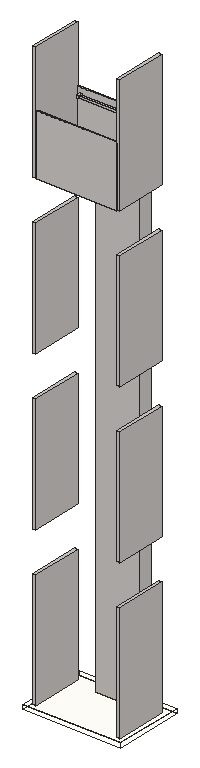
Revit family "V1504_Savaria", category Specialty Equipment, Revit 2026
Family settings
  Round Connector Dimension = Use Diameter
  Part Type = Normal
  Classification Number = 23.50.05.11
  Work Plane-Based = No
  Enable Cutting in Views = No
  Always vertical = Yes
  Cut with Voids When Loaded = No
  Maintain Annotation Orientation = No
  Shared = No
  Room Calculation Point = No
Parameters
  Warranty Duration (Years) = 1
  Voltage_MEP [instance] = 120 V
  Unit Width = 2' - 10"
  Unit Depth = 4' - 6"
  URL = "http://www.savariaconcord.com/"
  Type Comments = ""
  Stops [instance] = 4
  Specification = "http://www.arcat.com/sdspecs/htm/14202sci.htm"
  SpecWizard = "http://www.arcat.com/specwizard/14202sci/index.htm?coid=31585&mf="
  Send Message = "http://www.arcat.com/users.pl?action=UserEmail&company=Savaria%20Concord&coid=31585&rep=119&fax=905-791-2222&mf="
  Sales Information = ""
  Pit Volume Visible = yes
  Pit Volume = Elevator Pit
  Landing 4 Right  Door - RH Swing [instance] = no
  Landing 4 Left Door - RH Swing [instance] = yes
  Landing 4 Front Door - RH Swing [instance] = yes
  Landing 4 Elevation [instance] = 27' - 0"
  Landing 3 Right  Door - RH Swing [instance] = no
  Landing 3 Left Door - RH Swing [instance] = yes
  Landing 3 Front Door - RH Swing [instance] = yes
  Landing 3 Elevation [instance] = 18' - 0"
  Landing 2 Right  Door - RH Swing [instance] = no
  Landing 2 Left Door - RH Swing [instance] = yes
  Landing 2 Front Door - RH Swing [instance] = yes
  Landing 2 Elevation [instance] = 9' - 0"
  Landing 1 Right  Door - RH Swing [instance] = no
  Product Properties = "http://www.arcat.com/bim/bim_info.pl?fn=SavariaConcord"
  Product Data = "http://www.arcat.com/arcatcos/cos31/arc31585.html"
  Model = "As Specified in 14 40 00"
  Landing 1 Left Door - RH Swing [instance] = yes
  Landing 1 Door Heights [instance] = 6' - 8"
  Has No Right Doors [instance] = not(Has Any Right Door)  # no
  Has No Left Doors [instance] = not(Has Any Left Door)  # no
  Has Landing 4  Enclosure Frame [instance] = and(Has Enclosure, Stops > 3)  # no
  Has Landing 3 Enclosure Frame [instance] = and(Has Enclosure, Stops > 2)  # no
  Has Enclosure = no
  Has Any Right Door [instance] = yes
  Has No Front Doors [instance] = not(Has Any Front Door)  # yes
  Has Any Left Door [instance] = yes
  Has Landing 4 Right Door [instance] = yes
  Has Landing 4 Left Door [instance] = yes
  Has Landing 4 Front  Door [instance] = no
  Has Landing 3 Right Door [instance] = yes
  Has Landing 3 Left Door [instance] = yes
  Has Landing 3 Front  Door [instance] = no
  Has Landing 2 Right Door [instance] = yes
  Has Landing 2 Left Door [instance] = yes
  Has Landing 2 Front  Door [instance] = no
  Has Landing 1 Right Door [instance] = yes
  Has Landing 1 Left Door [instance] = yes
  Has Landing 1 Front Door [instance] = no
  Has Any Front Door [instance] = no
  Landing 1 Front Door - RH Swing [instance] = yes
  Floor Finish = Metal - Grey
  Finish = Metal - Beige
  Manufacturer's Notes = ""
  Manufacturer Website = "http://www.savariaconcord.com/"
  Manufacturer Phone - Toll Free = "800-661-5112 "
  Manufacturer Phone = "905-791-5555 "
  Manufacturer Fax = "905-791-2222"
  Manufacturer Address = "107 Alfred Kuehne Blvd., Brampton, ON, Canada L6T 4K3"
  Manufacturer = "Savaria Concord"
  Maintenance Schedule (Months) = 0
  MEP Apparent Power [instance] = Voltage_MEP * MEP Amperage  # 2400 VA
  MEP Amperage [instance] = 20 A
  Lift Travel Speed = ""
  Lift Operation = ""
  Top Landing Elevation [instance] = 27' - 0"
  Keynote = "14 40 00"
  Installation-Fabrication = ""
  Installation Phase = "Interior fixtures and fittings"
  Green Building-LEED = "http://www.arcat.com/green/clients/leed_data_31585.html"
  Expected Lifespan (Years) = 0
  Enclosure Material = Plexiglas - Clear
  Enclosure Height [instance] = 33' - 8"
  Eclosure Frame = Metal - Steel
  Drawn By = "Robert S. Weygant, CSI, CDT, SCIP"
  Door Widths [instance] = 3' - 0"
  Door Panel = Metal - Beige
  Door Heights [instance] = 6' - 8"
  Door Frame = Metal - Beige
  Description = "Savaria Concord Hydraulic Passenger Elevator as Specified in 14 40 00"
  Default Elevation = 0' - 0"
  Copyright = "2010, ARCAT, Inc"
  Construction Details = "http://www.arcat.com/details/savaria/savaria.html?coid=31585"
  Capacity (Weight) = 1400.00 lbf
  Building Code Conformance = "[ASME A17.1; NFPA 70][CSA B44; CSA National Electrical Code]"
  Assembly Code = "D1010310"
  ADA Compliant = yes
Reference planes (in)
  plane 1 "Landing 1": z = 0
  plane 2 "Center (Left/Right)": x = 0
  plane 3 "Top Landing": z = 324
  plane 4: x = -27
  plane 5: x = 27
  plane 6: y = 15.30059
  plane 7: y = -18.69941
  plane 8 "Landing 2": z = 108
  plane 9 "Landing 3": z = 216
  plane 10 "Landing 4": z = 324
  plane 11 "TO Enclosure": z = 404
  plane 12: z = 411.1875
Forms (in)
  Extrusion 1, solid, material "Metal - Grey" <- "Floor Finish"
    sketch origin (0, 0, 324) x (-1, 0, 0) y (0, -1, 0)
      loop
        line (27, -15.30059) -> (27, 18.69941) -> (-27, 18.69941) -> (-27, -15.30059) -> (27, -15.30059)
    from -0.99363 to 0
  Extrusion 2, solid, material "Metal - Beige" <- "Finish"
    sketch origin (0, 0, 324) x (-1, 0, 0) y (0, -1, 0)
      loop
        line (27.60605, -15.90664) -> (27.60605, -15.30059) -> (-27.60605, -15.30059) -> (-27.60605, -15.90664) -> (27.60605, -15.90664)
    from -0.99363 to 41.14699
  Extrusion 3, solid, material "Metal - Beige" <- "Finish"
    sketch origin (6.1008, 24.98808, 0) x (1, 0, 0) y (0, 1, 0)
      loop
        line (-21.235, -9.08144) -> (9.0375, -9.08144) -> (9.0375, -0.18751) -> (-21.235, -0.18751) -> (-21.235, -9.08144)
    from -3.11516 to 357.16447
  Extrusion 4, solid, material "Metal - Beige" <- "Finish", visible <- "Has Any Front Door"
    sketch origin (-0.5, -35.60605, 324) x (-1, 0, 0) y (0, -1, 0)
      loop
        line (-9.5, -18.90664) -> (-9.5, -16.30059) -> (-10.10605, -16.30059) -> (-10.10605, -18.30059) -> (-27.5625, -18.30059) -> (-27.5625, -18.90664) -> (-9.5, -18.90664)
      loop
        line (27.10605, -16.90664) -> (27.10605, -16.30059) -> (26.5, -16.30059) -> (26.5, -16.90664) -> (27.10605, -16.90664)
    from -0.99363 to 41.14699
  Extrusion 5, solid, material "Metal - Beige" <- "Finish", visible <- "Has No Front Doors"
    sketch origin (0, -4.39883, 324) x (-1, 0, 0) y (0, -1, 0)
      loop
        line (27.60605, 14.90664) -> (-27.5625, 14.90664) -> (-27.5625, 14.30059) -> (27.60605, 14.30059) -> (27.60605, 14.90664)
    from -0.99363 to 41.14699
  Extrusion 6, solid, material "Metal - Beige" <- "Finish", visible <- "Has No Right Doors"
    sketch origin (12, -22.85605, 324) x (-1, 0, 0) y (0, -1, 0)
      loop
        line (-15, -38.15664) -> (-15, -4.15664) -> (-15.60605, -4.15664) -> (-15.60605, -38.15664) -> (-15, -38.15664)
    from -0.99363 to 41.14699
  Extrusion 7, solid, material "Metal - Beige" <- "Finish", visible <- "Has No Left Doors"
    sketch origin (-12, -22.85605, 324) x (1, 0, 0) y (0, 1, 0)
      loop
        line (-15, 38.15664) -> (-15.60605, 38.15664) -> (-15.60605, 4.15664) -> (-15, 4.15664) -> (-15, 38.15664)
    from -0.99363 to 41.14699
  Extrusion 8, solid, material "Elevator Pit" <- "Pit Volume", visible <- "Pit Volume Visible"
    sketch origin (0, 0, 0) x (1, 0, 0) y (0, 1, 0)
      loop
        line (-33.38747, 24.80057) -> (-33.38747, -23.44943) -> (33.58839, -23.44943) -> (33.58839, 24.80057) -> (-33.38747, 24.80057)
    from -3.11516 to 0
  Extrusion 9, solid, material "Plexiglas - Clear" <- "Enclosure Material", visible <- "Has Enclosure"
    sketch origin (0, 0, 0) x (1, 0, 0) y (0, 1, 0)
      loop
        line (-29, 17.30059) -> (-29, -20.69941) -> (29, -20.69941) -> (29, 17.30059) -> (-29, 17.30059)
      loop
        line (-28, 16.30059) -> (-28, -19.69941) -> (28, -19.69941) -> (28, 16.30059) -> (-28, 16.30059)
    from 0 to 404 <- "Enclosure Height"
  Extrusion 10, solid, material "Plexiglas - Clear" <- "Enclosure Material", visible <- "Has Enclosure"
    sketch origin (0, 0, 404) x (-1, 0, 0) y (0, -1, 0)
      loop
        line (28, -16.30059) -> (28, 19.69941) -> (-28, 19.69941) -> (-28, -16.30059) -> (28, -16.30059)
    from -1 to 0
  Blend 11, solid, material "Plexiglas - Clear" <- "Enclosure Material", visible <- "Has Enclosure"
    base sketch origin (0, 0, 404) x (-1, 0, 0) y (0, -1, 0)
      loop
        line (29, -17.30059) -> (29, 20.69941) -> (-29, 20.69941) -> (-29, -17.30059) -> (29, -17.30059)
    top sketch origin (0, 0, 404) x (-1, 0, 0) y (0, -1, 0)
      loop
        line (21, 12.69941) -> (-21, 12.69941) -> (-21, -9.30059) -> (21, -9.30059) -> (21, 12.69941)
    from 0 to 5.30855
  Blend 12, solid, material "Plexiglas - Clear" <- "Enclosure Material", visible <- "Has Enclosure"
    base sketch origin (0, 0, 404) x (-1, 0, 0) y (0, -1, 0)
      loop
        line (21, -9.30059) -> (21, 12.69941) -> (-21, 12.69941) -> (-21, -9.30059) -> (21, -9.30059)
    top sketch origin (0, 0, 404) x (-1, 0, 0) y (0, -1, 0)
      loop
        line (13, -1.30059) -> (13, 4.69941) -> (-13, 4.69941) -> (-13, -1.30059) -> (13, -1.30059)
    from 5.30855 to 7.1875
  Extrusion 13, solid, material "Metal - Steel" <- "Eclosure Frame", visible <- "Has Enclosure"
    sketch origin (0, 0, 0) x (1, 0, 0) y (0, 1, 0)
      loop
        line (-29, 17.30059) -> (-29, 16.30059) -> (-28, 16.30059) -> (-28, 17.30059) -> (-29, 17.30059)
      loop
        line (28, 16.18424) -> (29, 16.18424) -> (29, 17.30059) -> (28, 17.30059) -> (28, 16.18424)
      loop
        line (28, -19.69941) -> (28, -20.69941) -> (29, -20.69941) -> (29, -19.69941) -> (28, -19.69941)
      loop
        line (-28, -19.69941) -> (-29, -19.69941) -> (-29, -20.69941) -> (-28, -20.69941) -> (-28, -19.69941)
    from 0 to 404 <- "Enclosure Height"
  Extrusion 14, solid, material "Metal - Steel" <- "Eclosure Frame", visible <- "Has Enclosure"
    sketch origin (0, 0, 404) x (-1, 0, 0) y (0, -1, 0)
      loop
        line (28, -17.30059) -> (28, -16.30059) -> (-28, -16.30059) -> (-28, -17.30059) -> (28, -17.30059)
      loop
        line (-29, -16.20059) -> (-28, -16.20059) -> (-28, 19.59941) -> (-29, 19.59941) -> (-29, -16.20059)
      loop
        line (-28, 20.69941) -> (-28, 19.69941) -> (28, 19.69941) -> (28, 20.69941) -> (-28, 20.69941)
      loop
        line (29, -16.20059) -> (29, 19.59941) -> (28, 19.59941) -> (28, -16.20059) -> (29, -16.20059)
    from 0 to -1
  Extrusion 15, solid, material "Metal - Steel" <- "Eclosure Frame", visible <- "Has Landing 3 Enclosure Frame"
    sketch origin (0, 0, 216) x (0, -1, 0) y (1, 0, 0)
      loop
        line (-17.30059, -28) -> (-16.30059, -28) -> (-16.30059, 28) -> (-17.30059, 28) -> (-17.30059, -28)
      loop
        line (-16.20059, 29) -> (-16.20059, 28) -> (19.59941, 28) -> (19.59941, 29) -> (-16.20059, 29)
      loop
        line (20.69941, 28) -> (19.69941, 28) -> (19.69941, -28) -> (20.69941, -28) -> (20.69941, 28)
      loop
        line (-16.20059, -29) -> (19.59941, -29) -> (19.59941, -28) -> (-16.20059, -28) -> (-16.20059, -29)
    from 0 to -1
  Extrusion 16, solid, material "Metal - Steel" <- "Eclosure Frame", visible <- "Has Enclosure"
    sketch origin (0, 0, 0) x (0, -1, 0) y (1, 0, 0)
      loop
        line (-17.30059, -28) -> (-16.30059, -28) -> (-16.30059, 28) -> (-17.30059, 28) -> (-17.30059, -28)
      loop
        line (-16.20059, 29) -> (-16.20059, 28) -> (19.59941, 28) -> (19.59941, 29) -> (-16.20059, 29)
      loop
        line (20.69941, 28) -> (19.69941, 28) -> (19.69941, -28) -> (20.69941, -28) -> (20.69941, 28)
      loop
        line (-16.20059, -29) -> (19.59941, -29) -> (19.59941, -28) -> (-16.20059, -28) -> (-16.20059, -29)
    from 0 to -1
  Extrusion 17, solid, material "Metal - Steel" <- "Eclosure Frame", visible <- "Has Enclosure"
    sketch origin (0, 0, 0) x (0, -1, 0) y (1, 0, 0)
      loop
        line (-17.30059, -28) -> (-16.30059, -28) -> (-16.30059, 28) -> (-17.30059, 28) -> (-17.30059, -28)
      loop
        line (-16.20059, 29) -> (-16.20059, 28) -> (19.59941, 28) -> (19.59941, 29) -> (-16.20059, 29)
      loop
        line (20.69941, 28) -> (19.69941, 28) -> (19.69941, -28) -> (20.69941, -28) -> (20.69941, 28)
      loop
        line (-16.20059, -29) -> (19.59941, -29) -> (19.59941, -28) -> (-16.20059, -28) -> (-16.20059, -29)
    from 0 to -1
  Extrusion 18, solid, material "Metal - Steel" <- "Eclosure Frame", visible <- "Has Landing 4  Enclosure Frame"
    sketch origin (0, 0, 324) x (0, -1, 0) y (1, 0, 0)
      loop
        line (-17.30059, -28) -> (-16.30059, -28) -> (-16.30059, 28) -> (-17.30059, 28) -> (-17.30059, -28)
      loop
        line (-16.20059, 29) -> (-16.20059, 28) -> (19.59941, 28) -> (19.59941, 29) -> (-16.20059, 29)
      loop
        line (20.69941, 28) -> (19.69941, 28) -> (19.69941, -28) -> (20.69941, -28) -> (20.69941, 28)
      loop
        line (-16.20059, -29) -> (19.59941, -29) -> (19.59941, -28) -> (-16.20059, -28) -> (-16.20059, -29)
    from 0 to -1
  Extrusion 19, solid, material "Metal - Steel" <- "Eclosure Frame", visible <- "Has Enclosure"
    sketch origin (0, 0, 108) x (0, -1, 0) y (1, 0, 0)
      loop
        line (-17.30059, -28) -> (-16.30059, -28) -> (-16.30059, 28) -> (-17.30059, 28) -> (-17.30059, -28)
      loop
        line (-16.20059, 29) -> (-16.20059, 28) -> (19.59941, 28) -> (19.59941, 29) -> (-16.20059, 29)
      loop
        line (20.69941, 28) -> (19.69941, 28) -> (19.69941, -28) -> (20.69941, -28) -> (20.69941, 28)
      loop
        line (-16.20059, -29) -> (19.59941, -29) -> (19.59941, -28) -> (-16.20059, -28) -> (-16.20059, -29)
    from 0 to -1
  Extrusion 20, solid, material "Metal - Steel" <- "Eclosure Frame", visible <- "Has Enclosure"
    sketch origin (0, 0, 0) x (1, 0, 0) y (0, 1, 0)
      loop
        line (-28, 17.30059) -> (-28, 16.30059) -> (28, 16.30059) -> (28, 17.30059) -> (-28, 17.30059)
      loop
        line (29, 16.20059) -> (28, 16.20059) -> (28, -19.59941) -> (29, -19.59941) -> (29, 16.20059)
      loop
        line (28, -20.69941) -> (28, -19.69941) -> (-28, -19.69941) -> (-28, -20.69941) -> (28, -20.69941)
      loop
        line (-29, 16.20059) -> (-29, -19.59941) -> (-28, -19.59941) -> (-28, 16.20059) -> (-29, 16.20059)
    from 0 to -1
Cuts and joins
  joined: Blend 11, Blend 12
Lines and regions (in)
  reference lines
    curve 1: line (-62.25, 16.30059, 0) -> (-104.25, 16.30059, 0)
Dimensions and locks (in)
  "Top Landing Elevation": plane 3 "Top Landing" to level
  equal spacing: plane 4, plane 2 "Center (Left/Right)", plane 5
  "Unit Depth": plane 4 to plane 5
  "Unit Width": plane 7 to plane 6
  locked: Extrusion 3 to plane 3 "Top Landing" at 33.16447
  "Landing 2 Elevation": plane 8 "Landing 2" to level
  "Landing 3 Elevation": plane 9 "Landing 3" to level
  "Landing 4 Elevation": plane 10 "Landing 4" to level
  "Door Widths": plane 4 to Extrusion 4 sketch curve
  locked: Extrusion 4 sketch curve to Extrusion 4 sketch curve at 0.60605
  Extrusion 3 to plane 2 "Center (Left/Right)" to Extrusion 3 = 1' - 3.1342" locked, 1' - 3.13831" locked
  locked: plane 6 to curve 1 at 1
  "Enclosure Height": plane 11 "TO Enclosure" to level
  plane 12 to plane 11 "TO Enclosure" = 0' - 7 3/16"
  locked: Blend 11 sketch curve to plane 6 at 6
  locked: plane 7 to Blend 11 sketch curve at 6
  locked: plane 4 to Blend 11 sketch curve at 6
  locked: Blend 11 sketch curve to plane 5 at 6
  locked: Blend 11 to Blend 12 sketch curve at 8  (x3)
  locked: Blend 12 sketch curve to Blend 11 at 8
  aligned and locked: nested 2 to level
  aligned and locked: plane 5 to nested 10
  aligned and locked: plane 5 to nested 12
  aligned and locked: plane 5 to nested 11
  aligned and locked: plane 5 to nested 9
  aligned and locked: nested 6 to plane 4
  aligned and locked: nested 4 to plane 4
  aligned and locked: nested 1 to plane 4
  aligned and locked: Extrusion 4 to nested 8
  aligned and locked: Extrusion 4 to nested 7
  aligned and locked: Extrusion 4 to nested 5
  aligned and locked: Extrusion 4 to nested 2
  aligned and locked: nested 3 to plane 4
  aligned and locked: nested 8 to plane 7
  aligned and locked: nested 7 to plane 7
  aligned and locked: nested 5 to plane 7
  aligned and locked: nested 2 to plane 7
  aligned and locked: nested 3 to curve 1  (x2)
  aligned and locked: nested 6 to curve 1  (x2)
  aligned and locked: nested 4 to curve 1  (x2)
  aligned and locked: nested 1 to curve 1  (x2)
  aligned and locked: nested 10 to curve 1
  aligned and locked: curve 1 to nested 10
  aligned and locked: nested 12 to curve 1
  aligned and locked: curve 1 to nested 12
  aligned and locked: nested 11 to curve 1
  aligned and locked: nested 9 to curve 1
  aligned and locked: Extrusion 8 to Extrusion 3
Automatic sketch dimensions
  Extrusion 1 sketch curve to plane 5 = 0' - 0"
  Extrusion 1 sketch curve to plane 4 = 0' - 0"
  Extrusion 1 sketch curve to plane 7 = 0' - 0"
  Extrusion 1 sketch curve to plane 6 = 0' - 0"
  Extrusion 2 sketch curve to plane 6 = 0' - 0"
  Extrusion 2 sketch curve to plane 5 = 0' - 0.60605"
  plane 4 to Extrusion 2 sketch curve = 0' - 0.60605"
  Extrusion 2 sketch curve to Extrusion 2 sketch curve = 0' - 0.60605"
  Extrusion 3 sketch curve to plane 4 = 0' - 11.8658"
  Extrusion 3 sketch curve to plane 6 = 0' - 0.60605"
  Extrusion 5 sketch curve to plane 7 = 0' - 0"
  plane 5 to Extrusion 5 sketch curve = 0' - 0 9/16"
  Extrusion 5 sketch curve to plane 4 = 0' - 0.60605"
  Extrusion 5 sketch curve to Extrusion 5 sketch curve = 0' - 0.60605"
  Extrusion 6 sketch curve to plane 6 = 0' - 0"
  Extrusion 6 sketch curve to plane 7 = 0' - 0"
  Extrusion 6 sketch curve to plane 5 = 0' - 0"
  Extrusion 6 sketch curve to Extrusion 6 sketch curve = 0' - 0.60605"
  Extrusion 7 sketch curve to plane 6 = 0' - 0"
  Extrusion 7 sketch curve to plane 7 = 0' - 0"
  Extrusion 7 sketch curve to plane 4 = 0' - 0"
  Extrusion 7 sketch curve to Extrusion 7 sketch curve = 0' - 0.60605"
  plane 5 to Extrusion 3 sketch curve = 0' - 11.86169"
  Extrusion 4 sketch curve to plane 7 = 0' - 2"
  Extrusion 4 sketch curve to plane 4 = 0' - 0"
  Extrusion 4 sketch curve to plane 7 = 0' - 0"
  plane 7 to Extrusion 4 sketch curve = 0' - 0.60605"
  Extrusion 4 sketch curve to plane 5 = 0' - 0 1/16"
  plane 4 to Extrusion 4 sketch curve = 0' - 0.60605"
  Extrusion 4 sketch curve to Extrusion 4 sketch curve = 0' - 0.60605"
  Extrusion 4 sketch curve to plane 7 = 0' - 1.39395"
  plane 4 to Extrusion 8 sketch curve = 0' - 6.38747"
  Extrusion 8 sketch curve to plane 5 = 0' - 6.58839"
  plane 7 to Extrusion 8 sketch curve = 0' - 4 3/4"
  Extrusion 3 sketch curve to Extrusion 3 sketch curve = 0' - 8.89393"
  Extrusion 8 sketch curve to plane 6 = 0' - 9 1/2"
  plane 4 to curve 1 = 6' - 5 1/4"
  plane 4 to curve 1 = 2' - 11 1/4"
  plane 4 to Extrusion 9 sketch curve = 0' - 2"
  plane 4 to Extrusion 9 sketch curve = 0' - 1"
  Extrusion 9 sketch curve to plane 5 = 0' - 1"
  Extrusion 9 sketch curve to Extrusion 9 sketch curve = 0' - 1"  (x2)
  plane 7 to Extrusion 9 sketch curve = 0' - 2"
  plane 7 to Extrusion 9 sketch curve = 0' - 1"
  Extrusion 9 sketch curve to plane 6 = 0' - 1"
  Extrusion 10 sketch curve to plane 5 = 0' - 1"
  plane 4 to Extrusion 10 sketch curve = 0' - 1"
  Extrusion 10 sketch curve to plane 6 = 0' - 1"
  plane 7 to Extrusion 10 sketch curve = 0' - 1"
  Blend 11 sketch curve to plane 5 = 0' - 2"
  plane 4 to Blend 11 sketch curve = 0' - 2"
  Blend 11 sketch curve to plane 6 = 0' - 2"
  plane 7 to Blend 11 sketch curve = 0' - 2"
  plane 5 to Blend 12 sketch curve = 0' - 6"
  Blend 12 sketch curve to plane 4 = 0' - 6"
  plane 6 to Blend 12 sketch curve = 0' - 6"
  Blend 12 sketch curve to plane 7 = 0' - 6"
  plane 4 to Extrusion 13 sketch curve = 0' - 2"  (x2)
  Extrusion 13 sketch curve to Extrusion 13 sketch curve = 0' - 1"  (x5)
  plane 4 to Extrusion 13 sketch curve = 0' - 1"
  Extrusion 13 sketch curve to plane 5 = 0' - 1"  (x2)
  plane 7 to Extrusion 13 sketch curve = 0' - 2"  (x2)
  plane 7 to Extrusion 13 sketch curve = 0' - 1"
  Extrusion 13 sketch curve to plane 6 = 0' - 0.88366"
  Extrusion 13 sketch curve to plane 6 = 0' - 1"
  Extrusion 13 sketch curve to Extrusion 13 sketch curve = 0' - 1.11634"
  plane 7 to Extrusion 14 sketch curve = 0' - 0.9"  (x2)
  Extrusion 14 sketch curve to plane 5 = 0' - 2"
  Extrusion 14 sketch curve to plane 5 = 0' - 1"  (x2)
  Extrusion 14 sketch curve to Extrusion 14 sketch curve = 0' - 0"  (x2)
  plane 4 to Extrusion 14 sketch curve = 0' - 1"  (x2)
  Extrusion 14 sketch curve to Extrusion 14 sketch curve = 0' - 1"  (x3)
  Extrusion 14 sketch curve to plane 6 = 0' - 0.9"  (x2)
  Extrusion 14 sketch curve to Extrusion 14 sketch curve = 0' - 0.1"  (x2)
  Extrusion 16 sketch curve to plane 5 = 0' - 1"  (x2)
  Extrusion 16 sketch curve to plane 6 = 0' - 2"
  Extrusion 16 sketch curve to plane 6 = 0' - 1"
  Extrusion 16 sketch curve to plane 6 = 0' - 0.9"  (x2)
  plane 7 to Extrusion 16 sketch curve = 0' - 0.9"  (x2)
  Extrusion 16 sketch curve to Extrusion 16 sketch curve = 0' - 0.1"
  Extrusion 16 sketch curve to Extrusion 16 sketch curve = 0' - 1"  (x3)
  plane 4 to Extrusion 16 sketch curve = 0' - 1"  (x2)
  Extrusion 16 sketch curve to Extrusion 16 sketch curve = 0' - 0"  (x2)
  Extrusion 15 sketch curve to plane 5 = 0' - 1"  (x2)
  Extrusion 15 sketch curve to plane 6 = 0' - 2"
  Extrusion 15 sketch curve to plane 6 = 0' - 1"
  Extrusion 15 sketch curve to plane 6 = 0' - 0.9"  (x2)
  plane 7 to Extrusion 15 sketch curve = 0' - 0.9"  (x2)
  Extrusion 15 sketch curve to Extrusion 15 sketch curve = 0' - 0.1"
  Extrusion 15 sketch curve to Extrusion 15 sketch curve = 0' - 1"  (x3)
  plane 4 to Extrusion 15 sketch curve = 0' - 1"  (x2)
  Extrusion 15 sketch curve to Extrusion 15 sketch curve = 0' - 0"  (x2)
  Extrusion 17 sketch curve to plane 5 = 0' - 1"  (x2)
  Extrusion 17 sketch curve to plane 6 = 0' - 2"
  Extrusion 17 sketch curve to plane 6 = 0' - 1"
  Extrusion 17 sketch curve to plane 6 = 0' - 0.9"  (x2)
  plane 7 to Extrusion 17 sketch curve = 0' - 0.9"  (x2)
  Extrusion 17 sketch curve to Extrusion 17 sketch curve = 0' - 0.1"
  Extrusion 17 sketch curve to Extrusion 17 sketch curve = 0' - 1"  (x3)
  plane 4 to Extrusion 17 sketch curve = 0' - 1"  (x2)
  Extrusion 17 sketch curve to Extrusion 17 sketch curve = 0' - 0"  (x2)
  Extrusion 18 sketch curve to plane 5 = 0' - 1"  (x2)
  Extrusion 18 sketch curve to plane 6 = 0' - 2"
  Extrusion 18 sketch curve to plane 6 = 0' - 1"
  Extrusion 18 sketch curve to plane 6 = 0' - 0.9"  (x2)
  plane 7 to Extrusion 18 sketch curve = 0' - 0.9"  (x2)
  Extrusion 18 sketch curve to Extrusion 18 sketch curve = 0' - 0.1"
  Extrusion 18 sketch curve to Extrusion 18 sketch curve = 0' - 1"  (x3)
  plane 4 to Extrusion 18 sketch curve = 0' - 1"  (x2)
  Extrusion 18 sketch curve to Extrusion 18 sketch curve = 0' - 0"  (x2)
  Extrusion 19 sketch curve to plane 5 = 0' - 1"  (x2)
  Extrusion 19 sketch curve to plane 6 = 0' - 2"
  Extrusion 19 sketch curve to plane 6 = 0' - 1"
  Extrusion 19 sketch curve to plane 6 = 0' - 0.9"  (x2)
  plane 7 to Extrusion 19 sketch curve = 0' - 0.9"  (x2)
  Extrusion 19 sketch curve to Extrusion 19 sketch curve = 0' - 0.1"
  Extrusion 19 sketch curve to Extrusion 19 sketch curve = 0' - 1"  (x3)
  plane 4 to Extrusion 19 sketch curve = 0' - 1"  (x2)
  Extrusion 19 sketch curve to Extrusion 19 sketch curve = 0' - 0"  (x2)
  plane 7 to Extrusion 20 sketch curve = 0' - 0.9"  (x2)
  plane 4 to Extrusion 20 sketch curve = 0' - 2"
  plane 4 to Extrusion 20 sketch curve = 0' - 1"  (x3)
  Extrusion 20 sketch curve to plane 5 = 0' - 1"  (x2)
  Extrusion 20 sketch curve to Extrusion 20 sketch curve = 0' - 0"
  Extrusion 20 sketch curve to Extrusion 20 sketch curve = 0' - 1"  (x3)
  Extrusion 20 sketch curve to Extrusion 20 sketch curve = 0' - 0.1"  (x2)
  Extrusion 20 sketch curve to plane 6 = 0' - 0.9"  (x2)
Nested families (in)
  nested 1: "Lift Door-V1504" at (-28.78125, -1.69941, 0) x (0, -1, 0) z (0, 0, 1), Right Hand Swing <- "Landing 1 Left Door - RH Swing", visible <- "Has Landing 1 Left Door", Door Width <- "Door Widths", Door Height <- "Landing 1 Door Heights", type "ByType"
    with Right Hand Swing yes, Left Hand Swing no, Door Width 3' - 0", Door Height 6' - 8"
  nested 2: "Lift Door-V1504" at (-9, -20.48066, 0), Right Hand Swing <- "Landing 1 Front Door - RH Swing", visible <- "Has Landing 1 Front Door", Door Width <- "Door Widths", Door Height <- "Landing 1 Door Heights", type "ByType"
    with Right Hand Swing yes, Left Hand Swing no, Door Width 3' - 0", Door Height 6' - 8"
  nested 3: "Lift Door-V1504" at (-28.78125, -1.69941, 324) x (0, -1, 0) z (0, 0, 1), Right Hand Swing <- "Landing 4 Left Door - RH Swing", visible <- "Has Landing 4 Left Door", Door Width <- "Door Widths", Door Height <- "Door Heights", type "ByType"
    with Right Hand Swing yes, Left Hand Swing no, Door Width 3' - 0", Door Height 6' - 8"
  nested 4: "Lift Door-V1504" at (-28.78125, -1.69941, 108) x (0, -1, 0) z (0, 0, 1), Right Hand Swing <- "Landing 2 Left Door - RH Swing", visible <- "Has Landing 2 Left Door", Door Width <- "Door Widths", Door Height <- "Door Heights", type "ByType"
    with Right Hand Swing yes, Left Hand Swing no, Door Width 3' - 0", Door Height 6' - 8"
  nested 5: "Lift Door-V1504" at (-9, -20.48066, 108), Right Hand Swing <- "Landing 2 Front Door - RH Swing", visible <- "Has Landing 2 Front  Door", Door Width <- "Door Widths", Door Height <- "Door Heights", type "ByType"
    with Right Hand Swing yes, Left Hand Swing no, Door Width 3' - 0", Door Height 6' - 8"
  nested 6: "Lift Door-V1504" at (-28.78125, -1.69941, 216) x (0, -1, 0) z (0, 0, 1), Right Hand Swing <- "Landing 3 Left Door - RH Swing", visible <- "Has Landing 3 Left Door", Door Width <- "Door Widths", Door Height <- "Door Heights", type "ByType"
    with Right Hand Swing yes, Left Hand Swing no, Door Width 3' - 0", Door Height 6' - 8"
  nested 7: "Lift Door-V1504" at (-9, -20.48066, 216), Right Hand Swing <- "Landing 3 Front Door - RH Swing", visible <- "Has Landing 3 Front  Door", Door Width <- "Door Widths", Door Height <- "Door Heights", type "ByType"
    with Right Hand Swing yes, Left Hand Swing no, Door Width 3' - 0", Door Height 6' - 8"
  nested 8: "Lift Door-V1504" at (-9, -20.48066, 324), Right Hand Swing <- "Landing 4 Front Door - RH Swing", visible <- "Has Landing 4 Front  Door", Door Width <- "Door Widths", Door Height <- "Door Heights", type "ByType"
    with Right Hand Swing yes, Left Hand Swing no, Door Width 3' - 0", Door Height 6' - 8"
  nested 9: "Lift Door-V1504" at (28.78125, -1.69941, 0) x (0, 1, 0) z (0, 0, 1), Right Hand Swing <- "Landing 1 Right  Door - RH Swing", visible <- "Has Landing 1 Right Door", Door Width <- "Door Widths", Door Height <- "Landing 1 Door Heights", type "ByType"
    with Right Hand Swing no, Left Hand Swing yes, Door Width 3' - 0", Door Height 6' - 8"
  nested 10: "Lift Door-V1504" at (28.78125, -1.69941, 324) x (0, 1, 0) z (0, 0, 1), Right Hand Swing <- "Landing 4 Right  Door - RH Swing", visible <- "Has Landing 4 Right Door", Door Width <- "Door Widths", Door Height <- "Door Heights", type "ByType"
    with Right Hand Swing no, Left Hand Swing yes, Door Width 3' - 0", Door Height 6' - 8"
  nested 11: "Lift Door-V1504" at (28.78125, -1.69941, 108) x (0, 1, 0) z (0, 0, 1), Right Hand Swing <- "Landing 2 Right  Door - RH Swing", visible <- "Has Landing 2 Right Door", Door Width <- "Door Widths", Door Height <- "Door Heights", type "ByType"
    with Right Hand Swing no, Left Hand Swing yes, Door Width 3' - 0", Door Height 6' - 8"
  nested 12: "Lift Door-V1504" at (28.78125, -1.69941, 216) x (0, 1, 0) z (0, 0, 1), Right Hand Swing <- "Landing 3 Right  Door - RH Swing", visible <- "Has Landing 3 Right Door", Door Width <- "Door Widths", Door Height <- "Door Heights", type "ByType"
    with Right Hand Swing no, Left Hand Swing yes, Door Width 3' - 0", Door Height 6' - 8"
  nested 13: "Grab Bar-V1504" at (0, 15.30059, 360), type "ByType"
Connectors (in)
  electrical at (0, 0, 0), driven by "Voltage_MEP", driven by "MEP Apparent Power"
    settings: index 1, voltage 120 V, apparent load 0 VA, apparent load phase1 2400 VA, apparent load phase2 0 VA, apparent load phase3 0 VA, power factor 1, load classification "Other", number of poles 1, system type 31, power factor state 1, is connector primary yes, connector utility no, sub classification motor no, connector description ""
Definition of nested family "Lift Door-V1504"
  Parameters
    Right Hand Swing [instance] = yes
    Left Hand Swing [instance] = not(Right Hand Swing)  # no
    Door Width [instance] = 3' - 0"
    Door Thickness = 0' - 2"
    Door Panel = none
    Door Height [instance] = 6' - 8"
    Default Elevation = 0' - 0"
    Assembly Code = ""
  Reference planes (in)
    plane 1 "Center (Front/Back)": y = 0
    plane 2: z = 0
    plane 3 "Center (Left/Right)": x = 0
    plane 4: x = 18
    plane 5: x = -18
    plane 6: z = 80
    plane 7: y = -1
    plane 8: y = 1
    plane 9: y = 1.78125
  Forms (in)
    Extrusion 1, solid, material <- "Door Panel"
      sketch origin (0, 0, 0) x (1, 0, 0) y (0, 0, 1)
        loop
          line (-18, 80) -> (-18, 0) -> (18, 0) -> (18, 80) -> (-18, 80)
      from -1 to 1
  Lines and regions (in)
    symbolic lines, visible <- "Right Hand Swing"
      curve 1: line (-16, -1, 0) -> (-18, -1, 0)
      curve 2: line (-16, -35, 0) -> (-16, -1, 0)
      curve 3: line (-18, -35, 0) -> (-16, -35, 0)
      curve 4: line (-18, -1, 0) -> (-18, -35, 0)
      curve 5: arc (18, 1, 0) -> (7.45584, -24.45584, 0) -> (-18, -35, 0) r 36
      curve 6: line (18, 0, 80) -> (-18, 0, 40)
      curve 7: line (18, 0, 0) -> (-18, 0, 40)
    symbolic lines, visible <- "Left Hand Swing"
      curve 8: line (16, -1, 0) -> (18, -1, 0)
      curve 9: line (16, -35, 0) -> (16, -1, 0)
      curve 10: line (18, -35, 0) -> (16, -35, 0)
      curve 11: line (18, -1, 0) -> (18, -35, 0)
      curve 12: arc (-18, 1, 0) -> (-7.45584, -24.45584, 0) -> (18, -35, 0) r 36
      curve 13: line (-18, 0, 80) -> (18, 0, 40)
      curve 14: line (-18, 0, 0) -> (18, 0, 40)
  Dimensions and locks (in)
    equal spacing: plane 5, plane 3 "Center (Left/Right)", plane 4
    "Door Width": plane 5 to plane 4
    "Door Height": plane 6 to level
    equal spacing: plane 8, plane 1 "Center (Front/Back)", plane 7
    "Door Thickness": plane 8 to plane 7
    "Door Thickness": plane 5 to curve 2
    equal spacing: level, curve 7, plane 6
    locked: plane 9 to plane 8 at 0.78125
    "Door Thickness": curve 9 to plane 4
    aligned and locked: Extrusion 1 to plane 8
    aligned and locked: Extrusion 1 to plane 7
  Automatic sketch dimensions
    curve 5 to plane 5 = 0' - 0"
    curve 12 to plane 5 = 0' - 0"
    curve 8 to plane 7 = 0' - 0"
    curve 8 to plane 4 = 0' - 0"
    curve 5 to plane 4 = 0' - 0"
    curve 2 to plane 7 = 0' - 0"
    curve 12 to plane 8 = 0' - 0"
    curve 5 to plane 8 = 0' - 0"
    curve 6 to plane 5 = 0' - 0"
    curve 13 to plane 5 = 0' - 0"
    curve 14 to level = 0' - 0"
    curve 14 to plane 5 = 0' - 0"
    curve 13 to plane 4 = 0' - 0"
    curve 7 to level = 0' - 0"
    curve 7 to plane 4 = 0' - 0"
    curve 6 to plane 4 = 0' - 0"
    curve 13 to plane 6 = 0' - 0"
    curve 6 to plane 6 = 0' - 0"
    curve 13 to curve 6 = 0' - 0"
    Extrusion 1 sketch curve to level = 0' - 0"
    Extrusion 1 sketch curve to plane 5 = 0' - 0"
    Extrusion 1 sketch curve to plane 4 = 0' - 0"
    Extrusion 1 sketch curve to plane 6 = 0' - 0"
Definition of nested family "Grab Bar-V1504"
  Parameters
    Material = none
    Default Elevation = 3' - 0"
  Reference planes (in)
    plane 1 "Center (Front/Back)": y = 0
    plane 2: z = 0
    plane 3 "Center (Left/Right)": x = 0
  Forms (in)
    Extrusion 1, solid, material <- "Material"
      sketch origin (0, 0, 0) x (1, 0, 0) y (0, 1, 0)
        loop
          line (-24, -3.125) -> (-24, 0) -> (-25.75, 0) -> (-24.91266, -3.125) -> (-24, -3.125)
        loop
          line (24, -3.125) -> (24.91266, -3.125) -> (25.75, 0) -> (24, 0) -> (24, -3.125)
      from 0 to 1.5
    Extrusion 2, solid, material <- "Material"
      sketch origin (0, 0, 0) x (0, 1, 0) y (0, 0, 1)
        loop
          line (-3.125, 1.5) -> (-3.125, 0) -> (-1.625, 0) -> (-1.625, 1.5) -> (-3.125, 1.5)
      from -24 to 24
